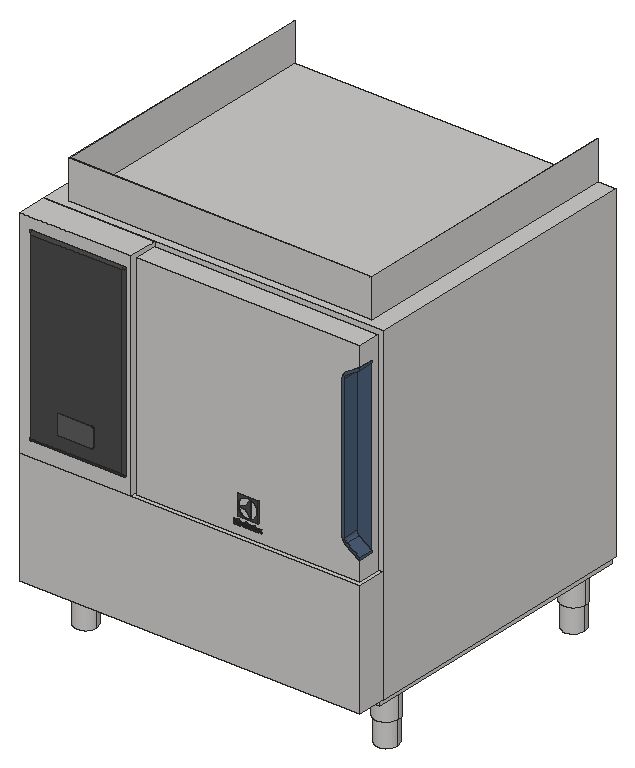
Revit family "QF_ELECTROLUXPROFESSIONAL_727906_EBFA61WHE", category Specialty Equipment, Revit 2018 (continued)
Automatic sketch dimensions
  Split face 52 sketch curve to Extrusion 6 = 28.787 mm
  Split face 52 sketch curve to Split face 52 sketch curve = 110.015 mm
  Split face 53 sketch curve to Extrusion 6 = 31.361 mm
  Split face 53 sketch curve to Extrusion 6 = 262.581 mm
  Split face 53 sketch curve to Extrusion 6 = 36.388 mm
  Split face 53 sketch curve to Split face 53 sketch curve = 110.015 mm
  Split face 54 sketch curve to Extrusion 6 = 40.833 mm
  Split face 54 sketch curve to Extrusion 6 = 262.581 mm
  Split face 54 sketch curve to Extrusion 6 = 45.86 mm
  Split face 54 sketch curve to Split face 54 sketch curve = 110.015 mm
  Split face 55 sketch curve to Extrusion 6 = 50.305 mm
  Split face 55 sketch curve to Extrusion 6 = 262.581 mm
  Split face 55 sketch curve to Split face 55 sketch curve = 110.015 mm
  Split face 55 sketch curve to Split face 55 sketch curve = 5.027 mm
  Split face 56 sketch curve to Extrusion 6 = 59.777 mm
  Split face 56 sketch curve to Extrusion 6 = 262.581 mm
  Split face 56 sketch curve to Split face 56 sketch curve = 110.015 mm
  Split face 56 sketch curve to Split face 56 sketch curve = 5.027 mm
  Split face 57 sketch curve to Extrusion 6 = 69.25 mm
  Split face 57 sketch curve to Extrusion 6 = 262.581 mm
  Split face 57 sketch curve to Split face 57 sketch curve = 110.015 mm
  Split face 57 sketch curve to Split face 57 sketch curve = 5.027 mm
  Split face 58 sketch curve to Extrusion 6 = 78.722 mm
  Split face 58 sketch curve to Extrusion 6 = 262.581 mm
  Split face 58 sketch curve to Split face 58 sketch curve = 110.015 mm
  Split face 58 sketch curve to Split face 58 sketch curve = 5.027 mm
  Split face 59 sketch curve to Extrusion 6 = 88.194 mm
  Split face 59 sketch curve to Extrusion 6 = 262.581 mm
  Split face 59 sketch curve to Split face 59 sketch curve = 110.015 mm
  Split face 59 sketch curve to Split face 59 sketch curve = 5.027 mm
  Split face 60 sketch curve to Extrusion 6 = 97.666 mm
  Split face 60 sketch curve to Extrusion 6 = 262.581 mm
  Split face 60 sketch curve to Split face 60 sketch curve = 110.015 mm
  Split face 60 sketch curve to Split face 60 sketch curve = 5.027 mm
  Split face 61 sketch curve to Extrusion 6 = 107.138 mm
  Split face 61 sketch curve to Extrusion 6 = 262.581 mm
  Split face 61 sketch curve to Split face 61 sketch curve = 110.015 mm
  Split face 61 sketch curve to Split face 61 sketch curve = 5.027 mm
  Split face 62 sketch curve to Extrusion 6 = 116.611 mm
  Split face 62 sketch curve to Extrusion 6 = 262.581 mm
  Split face 62 sketch curve to Split face 62 sketch curve = 110.015 mm
  Split face 62 sketch curve to Split face 62 sketch curve = 5.027 mm
  Split face 63 sketch curve to Extrusion 6 = 126.083 mm
  Split face 63 sketch curve to Extrusion 6 = 262.581 mm
  Split face 63 sketch curve to Split face 63 sketch curve = 110.015 mm
  Split face 63 sketch curve to Split face 63 sketch curve = 5.027 mm
  Split face 64 sketch curve to Extrusion 6 = 262.581 mm
  Split face 64 sketch curve to Split face 64 sketch curve = 110.015 mm
  Split face 64 sketch curve to Extrusion 6 = 135.555 mm
  Split face 64 sketch curve to Split face 64 sketch curve = 5.027 mm
  Split face 65 sketch curve to Extrusion 6 = 262.581 mm
  Split face 65 sketch curve to Split face 65 sketch curve = 110.015 mm
  Split face 65 sketch curve to Extrusion 6 = 145.027 mm
  Split face 65 sketch curve to Split face 65 sketch curve = 5.027 mm
  Split face 66 sketch curve to Extrusion 6 = 262.581 mm
  Split face 66 sketch curve to Split face 66 sketch curve = 110.015 mm
  Split face 66 sketch curve to Extrusion 6 = 147.48 mm
  Split face 66 sketch curve to Split face 66 sketch curve = 5.027 mm
  Split face 67 sketch curve to Extrusion 6 = 262.581 mm
  Split face 67 sketch curve to Split face 67 sketch curve = 110.015 mm
  Split face 67 sketch curve to Extrusion 6 = 138.008 mm
  Split face 67 sketch curve to Split face 67 sketch curve = 5.027 mm
  Split face 68 sketch curve to Extrusion 6 = 128.536 mm
  Split face 68 sketch curve to Extrusion 6 = 262.581 mm
  Split face 68 sketch curve to Split face 68 sketch curve = 110.015 mm
  Split face 68 sketch curve to Split face 68 sketch curve = 5.027 mm
  Split face 69 sketch curve to Extrusion 6 = 119.064 mm
  Split face 69 sketch curve to Extrusion 6 = 262.581 mm
  Split face 69 sketch curve to Split face 69 sketch curve = 110.015 mm
  Split face 69 sketch curve to Split face 69 sketch curve = 5.027 mm
  Split face 70 sketch curve to Extrusion 6 = 109.592 mm
  Split face 70 sketch curve to Extrusion 6 = 262.581 mm
  Split face 70 sketch curve to Split face 70 sketch curve = 110.015 mm
  Split face 70 sketch curve to Split face 70 sketch curve = 5.027 mm
  Split face 71 sketch curve to Extrusion 6 = 100.119 mm
  Split face 71 sketch curve to Extrusion 6 = 262.581 mm
  Split face 71 sketch curve to Split face 71 sketch curve = 110.015 mm
  Split face 71 sketch curve to Split face 71 sketch curve = 5.027 mm
  Split face 72 sketch curve to Extrusion 6 = 90.647 mm
  Split face 72 sketch curve to Extrusion 6 = 262.581 mm
  Split face 72 sketch curve to Split face 72 sketch curve = 110.015 mm
  Split face 72 sketch curve to Split face 72 sketch curve = 5.027 mm
  Split face 73 sketch curve to Extrusion 6 = 81.175 mm
  Split face 73 sketch curve to Extrusion 6 = 262.581 mm
  Split face 73 sketch curve to Split face 73 sketch curve = 110.015 mm
  Split face 73 sketch curve to Split face 73 sketch curve = 5.027 mm
  Split face 74 sketch curve to Extrusion 6 = 71.703 mm
  Split face 74 sketch curve to Extrusion 6 = 262.581 mm
  Split face 74 sketch curve to Split face 74 sketch curve = 110.015 mm
  Split face 74 sketch curve to Split face 74 sketch curve = 5.027 mm
  Split face 75 sketch curve to Extrusion 6 = 62.231 mm
  Split face 75 sketch curve to Extrusion 6 = 262.581 mm
  Split face 75 sketch curve to Split face 75 sketch curve = 110.015 mm
  Split face 75 sketch curve to Split face 75 sketch curve = 5.027 mm
  Split face 76 sketch curve to Extrusion 6 = 52.758 mm
  Split face 76 sketch curve to Extrusion 6 = 262.581 mm
  Split face 76 sketch curve to Extrusion 6 = 47.731 mm
  Split face 76 sketch curve to Split face 76 sketch curve = 110.015 mm
  Split face 77 sketch curve to Extrusion 6 = 43.286 mm
  Split face 77 sketch curve to Extrusion 6 = 262.581 mm
  Split face 77 sketch curve to Extrusion 6 = 38.259 mm
  Split face 77 sketch curve to Split face 77 sketch curve = 110.015 mm
  Split face 78 sketch curve to Extrusion 6 = 33.814 mm
  Split face 78 sketch curve to Extrusion 6 = 262.581 mm
  Split face 78 sketch curve to Extrusion 6 = 28.787 mm
  Split face 78 sketch curve to Split face 78 sketch curve = 110.015 mm
  Split face 79 sketch curve to Extrusion 6 = 31.361 mm
  Split face 79 sketch curve to Extrusion 6 = 147.565 mm
  Split face 79 sketch curve to Extrusion 6 = 36.388 mm
  Split face 79 sketch curve to Split face 79 sketch curve = 110.015 mm
  Split face 80 sketch curve to Extrusion 6 = 40.833 mm
  Split face 80 sketch curve to Extrusion 6 = 147.565 mm
  Split face 80 sketch curve to Extrusion 6 = 45.86 mm
  Split face 80 sketch curve to Split face 80 sketch curve = 110.015 mm
  Split face 81 sketch curve to Extrusion 6 = 50.305 mm
  Split face 81 sketch curve to Extrusion 6 = 147.565 mm
  Split face 81 sketch curve to Split face 81 sketch curve = 110.015 mm
  Split face 81 sketch curve to Split face 81 sketch curve = 5.027 mm
  Split face 82 sketch curve to Extrusion 6 = 59.777 mm
  Split face 82 sketch curve to Extrusion 6 = 147.565 mm
  Split face 82 sketch curve to Split face 82 sketch curve = 110.015 mm
  Split face 82 sketch curve to Split face 82 sketch curve = 5.027 mm
  Split face 83 sketch curve to Extrusion 6 = 69.25 mm
  Split face 83 sketch curve to Extrusion 6 = 147.565 mm
  Split face 83 sketch curve to Split face 83 sketch curve = 110.015 mm
  Split face 83 sketch curve to Split face 83 sketch curve = 5.027 mm
  Split face 84 sketch curve to Extrusion 6 = 147.565 mm
  Split face 84 sketch curve to Split face 84 sketch curve = 110.015 mm
  Split face 84 sketch curve to Extrusion 6 = 78.722 mm
  Split face 84 sketch curve to Split face 84 sketch curve = 5.027 mm
  Split face 85 sketch curve to Extrusion 6 = 147.565 mm
  Split face 85 sketch curve to Split face 85 sketch curve = 110.015 mm
  Split face 85 sketch curve to Extrusion 6 = 88.194 mm
  Split face 85 sketch curve to Split face 85 sketch curve = 5.027 mm
  Split face 86 sketch curve to Extrusion 6 = 147.565 mm
  Split face 86 sketch curve to Split face 86 sketch curve = 110.015 mm
  Split face 86 sketch curve to Extrusion 6 = 97.666 mm
  Split face 86 sketch curve to Split face 86 sketch curve = 5.027 mm
  Split face 87 sketch curve to Extrusion 6 = 147.565 mm
  Split face 87 sketch curve to Split face 87 sketch curve = 110.015 mm
  Split face 87 sketch curve to Extrusion 6 = 107.138 mm
  Split face 87 sketch curve to Split face 87 sketch curve = 5.027 mm
  Split face 88 sketch curve to Extrusion 6 = 147.565 mm
  Split face 88 sketch curve to Split face 88 sketch curve = 110.015 mm
  Split face 88 sketch curve to Extrusion 6 = 116.611 mm
  Split face 88 sketch curve to Split face 88 sketch curve = 5.027 mm
  Split face 89 sketch curve to Extrusion 6 = 147.565 mm
  Split face 89 sketch curve to Split face 89 sketch curve = 110.015 mm
  Split face 89 sketch curve to Extrusion 6 = 126.083 mm
  Split face 89 sketch curve to Split face 89 sketch curve = 5.027 mm
  Split face 90 sketch curve to Extrusion 6 = 147.565 mm
  Split face 90 sketch curve to Split face 90 sketch curve = 110.015 mm
  Split face 90 sketch curve to Extrusion 6 = 135.555 mm
  Split face 90 sketch curve to Split face 90 sketch curve = 5.027 mm
  Split face 91 sketch curve to Extrusion 6 = 147.565 mm
  Split face 91 sketch curve to Split face 91 sketch curve = 110.015 mm
  Split face 91 sketch curve to Extrusion 6 = 145.027 mm
  Split face 91 sketch curve to Split face 91 sketch curve = 5.027 mm
  Split face 92 sketch curve to Extrusion 6 = 147.565 mm
  Split face 92 sketch curve to Split face 92 sketch curve = 110.015 mm
  Split face 92 sketch curve to Extrusion 6 = 147.48 mm
  Split face 92 sketch curve to Split face 92 sketch curve = 5.027 mm
  Split face 93 sketch curve to Extrusion 6 = 147.565 mm
  Split face 93 sketch curve to Split face 93 sketch curve = 110.015 mm
  Split face 93 sketch curve to Extrusion 6 = 138.008 mm
  Split face 93 sketch curve to Split face 93 sketch curve = 5.027 mm
  Split face 94 sketch curve to Extrusion 6 = 147.565 mm
  Split face 94 sketch curve to Split face 94 sketch curve = 110.015 mm
  Split face 94 sketch curve to Extrusion 6 = 128.536 mm
  Split face 94 sketch curve to Split face 94 sketch curve = 5.027 mm
  Split face 95 sketch curve to Extrusion 6 = 147.565 mm
  Split face 95 sketch curve to Split face 95 sketch curve = 110.015 mm
  Split face 95 sketch curve to Extrusion 6 = 119.064 mm
  Split face 95 sketch curve to Split face 95 sketch curve = 5.027 mm
  Split face 96 sketch curve to Extrusion 6 = 147.565 mm
  Split face 96 sketch curve to Split face 96 sketch curve = 110.015 mm
  Split face 96 sketch curve to Extrusion 6 = 109.592 mm
  Split face 96 sketch curve to Split face 96 sketch curve = 5.027 mm
  Split face 97 sketch curve to Extrusion 6 = 147.565 mm
  Split face 97 sketch curve to Split face 97 sketch curve = 110.015 mm
  Split face 97 sketch curve to Extrusion 6 = 100.119 mm
  Split face 97 sketch curve to Split face 97 sketch curve = 5.027 mm
  Split face 98 sketch curve to Extrusion 6 = 147.565 mm
  Split face 98 sketch curve to Split face 98 sketch curve = 110.015 mm
  Split face 98 sketch curve to Extrusion 6 = 90.647 mm
  Split face 98 sketch curve to Split face 98 sketch curve = 5.027 mm
  Split face 99 sketch curve to Extrusion 6 = 147.565 mm
  Split face 99 sketch curve to Split face 99 sketch curve = 110.015 mm
  Split face 99 sketch curve to Extrusion 6 = 81.175 mm
  Split face 99 sketch curve to Split face 99 sketch curve = 5.027 mm
  Split face 100 sketch curve to Extrusion 6 = 71.703 mm
  Split face 100 sketch curve to Extrusion 6 = 147.565 mm
  Split face 100 sketch curve to Split face 100 sketch curve = 110.015 mm
  Split face 100 sketch curve to Split face 100 sketch curve = 5.027 mm
  Split face 101 sketch curve to Extrusion 6 = 62.231 mm
  Split face 101 sketch curve to Extrusion 6 = 147.565 mm
  Split face 101 sketch curve to Split face 101 sketch curve = 110.015 mm
  Split face 101 sketch curve to Split face 101 sketch curve = 5.027 mm
  Split face 102 sketch curve to Extrusion 6 = 52.758 mm
  Split face 102 sketch curve to Extrusion 6 = 147.565 mm
  Split face 102 sketch curve to Extrusion 6 = 47.731 mm
  Split face 102 sketch curve to Split face 102 sketch curve = 110.015 mm
  Split face 103 sketch curve to Extrusion 6 = 43.286 mm
  Split face 103 sketch curve to Extrusion 6 = 147.565 mm
  Split face 103 sketch curve to Extrusion 6 = 38.259 mm
  Split face 103 sketch curve to Split face 103 sketch curve = 110.015 mm
  Split face 104 sketch curve to Extrusion 6 = 33.814 mm
  Split face 104 sketch curve to Extrusion 6 = 147.565 mm
  Split face 104 sketch curve to Extrusion 6 = 28.787 mm
  Split face 104 sketch curve to Split face 104 sketch curve = 110.015 mm
  Split face 105 sketch curve to Extrusion 6 = 32.55 mm
  Split face 105 sketch curve to Extrusion 6 = 36.388 mm
  Split face 105 sketch curve to Split face 105 sketch curve = 110.015 mm
  Split face 105 sketch curve to Split face 105 sketch curve = 5.027 mm
  Split face 106 sketch curve to Extrusion 6 = 32.55 mm
  Split face 106 sketch curve to Extrusion 6 = 45.86 mm
  Split face 106 sketch curve to Split face 106 sketch curve = 110.015 mm
  Split face 106 sketch curve to Split face 106 sketch curve = 5.027 mm
  Split face 107 sketch curve to Extrusion 6 = 32.55 mm
  Split face 107 sketch curve to Split face 107 sketch curve = 110.015 mm
  Split face 107 sketch curve to Extrusion 6 = 50.305 mm
  Split face 107 sketch curve to Split face 107 sketch curve = 5.027 mm
  Split face 108 sketch curve to Extrusion 6 = 32.55 mm
  Split face 108 sketch curve to Split face 108 sketch curve = 110.015 mm
  Split face 108 sketch curve to Extrusion 6 = 59.777 mm
  Split face 108 sketch curve to Split face 108 sketch curve = 5.027 mm
  Split face 109 sketch curve to Extrusion 6 = 32.55 mm
  Split face 109 sketch curve to Split face 109 sketch curve = 110.015 mm
  Split face 109 sketch curve to Extrusion 6 = 69.25 mm
  Split face 109 sketch curve to Split face 109 sketch curve = 5.027 mm
  Split face 110 sketch curve to Extrusion 6 = 32.55 mm
  Split face 110 sketch curve to Split face 110 sketch curve = 110.015 mm
  Split face 110 sketch curve to Extrusion 6 = 78.722 mm
  Split face 110 sketch curve to Split face 110 sketch curve = 5.027 mm
  Split face 111 sketch curve to Extrusion 6 = 32.55 mm
  Split face 111 sketch curve to Split face 111 sketch curve = 110.015 mm
  Split face 111 sketch curve to Extrusion 6 = 88.194 mm
  Split face 111 sketch curve to Split face 111 sketch curve = 5.027 mm
  Split face 112 sketch curve to Extrusion 6 = 32.55 mm
  Split face 112 sketch curve to Split face 112 sketch curve = 110.015 mm
  Split face 112 sketch curve to Extrusion 6 = 97.666 mm
  Split face 112 sketch curve to Split face 112 sketch curve = 5.027 mm
  Split face 113 sketch curve to Extrusion 6 = 32.55 mm
  Split face 113 sketch curve to Split face 113 sketch curve = 110.015 mm
  Split face 113 sketch curve to Extrusion 6 = 107.138 mm
  Split face 113 sketch curve to Split face 113 sketch curve = 5.027 mm
  Split face 114 sketch curve to Extrusion 6 = 32.55 mm
  Split face 114 sketch curve to Split face 114 sketch curve = 110.015 mm
  Split face 114 sketch curve to Extrusion 6 = 116.611 mm
  Split face 114 sketch curve to Split face 114 sketch curve = 5.027 mm
  Split face 115 sketch curve to Extrusion 6 = 32.55 mm
  Split face 115 sketch curve to Split face 115 sketch curve = 110.015 mm
  Split face 115 sketch curve to Extrusion 6 = 126.083 mm
  Split face 115 sketch curve to Split face 115 sketch curve = 5.027 mm
  Split face 116 sketch curve to Extrusion 6 = 32.55 mm
  Split face 116 sketch curve to Split face 116 sketch curve = 110.015 mm
  Split face 116 sketch curve to Extrusion 6 = 135.555 mm
  Split face 116 sketch curve to Split face 116 sketch curve = 5.027 mm
  Split face 117 sketch curve to Extrusion 6 = 32.55 mm
  Split face 117 sketch curve to Split face 117 sketch curve = 110.015 mm
  Split face 117 sketch curve to Extrusion 6 = 145.027 mm
  Split face 117 sketch curve to Split face 117 sketch curve = 5.027 mm
  Split face 118 sketch curve to Extrusion 6 = 32.55 mm
  Split face 118 sketch curve to Split face 118 sketch curve = 110.015 mm
  Split face 118 sketch curve to Extrusion 6 = 147.48 mm
  Split face 118 sketch curve to Split face 118 sketch curve = 5.027 mm
  Split face 119 sketch curve to Extrusion 6 = 32.55 mm
  Split face 119 sketch curve to Split face 119 sketch curve = 110.015 mm
  Split face 119 sketch curve to Extrusion 6 = 138.008 mm
  Split face 119 sketch curve to Split face 119 sketch curve = 5.027 mm
  Split face 120 sketch curve to Extrusion 6 = 32.55 mm
  Split face 120 sketch curve to Split face 120 sketch curve = 110.015 mm
  Split face 120 sketch curve to Extrusion 6 = 128.536 mm
  Split face 120 sketch curve to Split face 120 sketch curve = 5.027 mm
  Split face 121 sketch curve to Extrusion 6 = 32.55 mm
  Split face 121 sketch curve to Split face 121 sketch curve = 110.015 mm
  Split face 121 sketch curve to Extrusion 6 = 119.064 mm
  Split face 121 sketch curve to Split face 121 sketch curve = 5.027 mm
  Split face 122 sketch curve to Extrusion 6 = 32.55 mm
  Split face 122 sketch curve to Split face 122 sketch curve = 110.015 mm
  Split face 122 sketch curve to Extrusion 6 = 109.592 mm
  Split face 122 sketch curve to Split face 122 sketch curve = 5.027 mm
  Split face 123 sketch curve to Extrusion 6 = 32.55 mm
  Split face 123 sketch curve to Split face 123 sketch curve = 110.015 mm
  Split face 123 sketch curve to Extrusion 6 = 100.119 mm
  Split face 123 sketch curve to Split face 123 sketch curve = 5.027 mm
  Split face 124 sketch curve to Extrusion 6 = 32.55 mm
  Split face 124 sketch curve to Split face 124 sketch curve = 110.015 mm
  Split face 124 sketch curve to Extrusion 6 = 90.647 mm
  Split face 124 sketch curve to Split face 124 sketch curve = 5.027 mm
  Split face 125 sketch curve to Extrusion 6 = 32.55 mm
  Split face 125 sketch curve to Split face 125 sketch curve = 110.015 mm
  Split face 125 sketch curve to Extrusion 6 = 81.175 mm
  Split face 125 sketch curve to Split face 125 sketch curve = 5.027 mm
  Split face 126 sketch curve to Extrusion 6 = 32.55 mm
  Split face 126 sketch curve to Split face 126 sketch curve = 110.015 mm
  Split face 126 sketch curve to Extrusion 6 = 71.703 mm
  Split face 126 sketch curve to Split face 126 sketch curve = 5.027 mm
  Split face 127 sketch curve to Extrusion 6 = 32.55 mm
  Split face 127 sketch curve to Split face 127 sketch curve = 110.015 mm
  Split face 127 sketch curve to Extrusion 6 = 62.231 mm
  Split face 127 sketch curve to Split face 127 sketch curve = 5.027 mm
  Split face 128 sketch curve to Extrusion 6 = 32.55 mm
  Split face 128 sketch curve to Extrusion 6 = 47.731 mm
  Split face 128 sketch curve to Split face 128 sketch curve = 110.015 mm
  Split face 128 sketch curve to Split face 128 sketch curve = 5.027 mm
  Split face 129 sketch curve to Extrusion 6 = 32.55 mm
  Split face 129 sketch curve to Extrusion 6 = 38.259 mm
  Split face 129 sketch curve to Split face 129 sketch curve = 110.015 mm
  Split face 129 sketch curve to Split face 129 sketch curve = 5.027 mm
  Split face 130 sketch curve to Extrusion 6 = 32.55 mm
  Split face 130 sketch curve to Extrusion 6 = 28.787 mm
  Split face 130 sketch curve to Split face 130 sketch curve = 110.015 mm
  Split face 130 sketch curve to Split face 130 sketch curve = 5.027 mm
  Extrusion 9 sketch curve to plane 5 "BACK" = 0 mm  (x2)
  Extrusion 9 sketch curve to plane 14 = 0 mm  (x2)
  Extrusion 9 sketch curve to plane 3 "Center Y" = 141.58 mm
  Extrusion 9 sketch curve to Extrusion 9 sketch curve = 1.631 mm  (x2)
  Extrusion 9 sketch curve to Extrusion 9 sketch curve = 9.723 mm
  plane 9 to Extrusion 9 sketch curve = 80.967 mm
  plane 9 to Extrusion 9 sketch curve = 72.875 mm
  Extrusion 10 sketch curve to plane 5 "BACK" = 0 mm  (x2)
  Extrusion 10 sketch curve to plane 9 = 3 mm
  Extrusion 10 sketch curve to plane 9 = 1 mm
  plane 11 to Extrusion 10 sketch curve = 1 mm
  Extrusion 10 sketch curve to Extrusion 10 sketch curve = 2 mm  (x2)
  Extrusion 10 sketch curve to plane 12 = 49 mm
  Extrusion 11 sketch curve to plane 13 "TOP" = 0.005 mm
  Extrusion 11 sketch curve to plane 3 "Center Y" = 139.7 mm
  plane 11 to Extrusion 11 sketch curve = 6.255 mm
  plane 11 to Extrusion 11 sketch curve = 14.741 mm
  plane 11 to Extrusion 11 sketch curve = 15.205 mm
  Extrusion 11 sketch curve to Extrusion 11 sketch curve = 10.513 mm
  Extrusion 11 sketch curve to Extrusion 11 sketch curve = 20 mm
  Extrusion 11 sketch curve to plane 6 "RIGHT" = 1.005 mm  (x2)
  Extrusion 11 sketch curve to Extrusion 11 sketch curve = 51.135 mm
  Extrusion 11 sketch curve to Extrusion 11 sketch curve = 24.082 mm
  Extrusion 11 sketch curve to Extrusion 11 sketch curve = 374.913 mm
  Extrusion 11 sketch curve to Extrusion 11 sketch curve = 23.723 mm
  plane 8 to Extrusion 11 sketch curve = 332.497 mm
  Extrusion 12 sketch curve to Extrusion 11 = 0 mm  (x8)
  Extrusion 11 to Extrusion 12 sketch curve = 8.487 mm
  Extrusion 11 to Extrusion 12 sketch curve = 8.95 mm
  Extrusion 12 sketch curve to Extrusion 12 sketch curve = 20 mm
  Extrusion 13 sketch curve to Extrusion 13 sketch curve = 0 mm  (x2)
  Extrusion 13 sketch curve to Extrusion 11 = 0 mm  (x5)
  Extrusion 11 to Extrusion 13 sketch curve = 2.5 mm
  Extrusion 13 sketch curve to Extrusion 13 sketch curve = 2.5 mm
  Extrusion 13 sketch curve to Extrusion 13 sketch curve = 13.5 mm
  Extrusion 11 to Extrusion 13 sketch curve = 12.541 mm
  Extrusion 13 sketch curve to Extrusion 13 sketch curve = 5.583 mm
  Extrusion 13 sketch curve to Extrusion 13 sketch curve = 3.591 mm
  Extrusion 13 sketch curve to Extrusion 13 sketch curve = 3.597 mm
  Extrusion 13 sketch curve to Extrusion 13 sketch curve = 6.143 mm
  Extrusion 13 sketch curve to Extrusion 13 sketch curve = 6.141 mm
  Extrusion 14 sketch curve to plane 7 "FRONT" = 0 mm
  plane 15 to Extrusion 14 sketch curve = 47.24 mm
  Extrusion 14 sketch curve to Extrusion 14 sketch curve = 8.487 mm
  Extrusion 14 sketch curve to Extrusion 14 sketch curve = 8.95 mm
  Extrusion 14 sketch curve to Extrusion 14 sketch curve = 19 mm
  Extrusion 14 sketch curve to Extrusion 14 sketch curve = 20 mm
  plane 15 to Extrusion 14 sketch curve = 2.5 mm  (x2)
  Extrusion 14 sketch curve to plane 13 "TOP" = 0.005 mm
  Extrusion 14 sketch curve to Extrusion 14 sketch curve = 51.135 mm
  Extrusion 14 sketch curve to Extrusion 14 sketch curve = 24.082 mm
  Extrusion 14 sketch curve to Extrusion 14 sketch curve = 374.913 mm
  Extrusion 14 sketch curve to Extrusion 14 sketch curve = 23.723 mm
  plane 8 to Extrusion 14 sketch curve = 332.497 mm
  Extrusion 15 sketch curve to Extrusion 14 = 0 mm  (x8)
  Extrusion 14 to Extrusion 15 sketch curve = 8.487 mm
  Extrusion 14 to Extrusion 15 sketch curve = 8.95 mm
  Extrusion 15 sketch curve to Extrusion 15 sketch curve = 11.05 mm
  Extrusion 16 sketch curve to Extrusion 16 sketch curve = 0 mm  (x2)
  Extrusion 16 sketch curve to Extrusion 14 = 0 mm  (x4)
  Extrusion 14 to Extrusion 16 sketch curve = 0 mm
  Extrusion 14 to Extrusion 16 sketch curve = 2.5 mm  (x2)
  Extrusion 16 sketch curve to Extrusion 16 sketch curve = 13.5 mm
  Extrusion 14 to Extrusion 16 sketch curve = 12.541 mm
  Extrusion 16 sketch curve to Extrusion 16 sketch curve = 5.583 mm
  Extrusion 16 sketch curve to Extrusion 16 sketch curve = 3.591 mm
  Extrusion 16 sketch curve to Extrusion 16 sketch curve = 3.597 mm
  Extrusion 16 sketch curve to Extrusion 16 sketch curve = 6.143 mm
  Extrusion 16 sketch curve to Extrusion 16 sketch curve = 6.141 mm
  Extrusion 17 sketch curve to plane 7 "FRONT" = 0 mm
  plane 7 "FRONT" to Extrusion 17 sketch curve = 16.966 mm
  Extrusion 17 sketch curve to plane 3 "Center Y" = 119.677 mm
  Extrusion 17 sketch curve to Extrusion 17 sketch curve = 32.971 mm
  Extrusion 17 sketch curve to plane 6 "RIGHT" = 1.005 mm
  radius of Extrusion 4 sketch curve = 10.5 mm
  radius of Extrusion 8 sketch curve = 9.5 mm
  radius of Extrusion 12 sketch curve to Extrusion 11 = 0 mm
  radius of Extrusion 13 sketch curve to Extrusion 11 = 0 mm
  radius of Extrusion 13 sketch curve to Extrusion 11 = 6.5 mm
  radius of Extrusion 15 sketch curve to Extrusion 14 = 0 mm
  radius of Extrusion 16 sketch curve to Extrusion 14 = 0 mm
  radius of Extrusion 16 sketch curve to Extrusion 14 = 6.5 mm
Nested families
  nested 1: "Foot_Complete" at (-708, -142.149, 0), type "Foot_Complete"
    with H 130 mm
  nested 2: "Foot_Complete" at (85, -142.149, 0), type "Foot_Complete"
    with H 130 mm
  nested 3: "Foot_Complete" at (85, 473.851, 0), type "Foot_Complete"
    with H 130 mm
  nested 4: "Foot_Complete" at (-708, 473.851, 0), type "Foot_Complete"
    with H 130 mm
  nested 5: "ELX_Logo_S_New" at (-157.603, -295.149, 492.497) x (1, 0, 0) z (0, -1, 0), visible <- "Show Logo", type "ELX_Logo_S_New"
    with M QF_Finishes_Black
  nested 6: "ELX_Logo_Symbol" at (-157.603, -295.149, 532.497) x (-1, 0, 0) z (0, -1, 0), visible <- "Show Logo", type "ELX_Logo_Symbol"
    with M QF_Finishes_Black
  nested 7: "ELX_Touch" at (-606.5, -295.149, 741.265) x (1, 0, 0) z (0, -1, 0), type "ELX_Touch"
Connectors
  electrical at (-696, 577.851, 258), driven by "Volts"
    settings: on Extrusion 4, index 5, voltage 380 V, apparent load 0 VA, apparent load phase1 0 VA, apparent load phase2 0 VA, apparent load phase3 0 VA, power factor 1, load classification "Altro", number of poles 1, system type 30, power factor state 1, is connector primary yes, connector utility no, sub classification motor no, connector description "Electrical Connection"
  piping at (-360, 215.851, 98.32), diameter 19
    settings: on cut or joined group of Extrusion 1, Extrusion 2, Extrusion 3, Extrusion 4, Extrusion 7, Extrusion 8, Extrusion 9, index 6, connector inside diameter 609.6 mm, connector length 0 mm, flow factor 0, pipe flow 0.0 L/s, pressure drop 0.0 Pa, fitting loss kfactor 0, connector angle 0.00°, fixture units 0, engagement length 0 mm, angle of deflection 0.00°, flow configuration 1, flow direction 2, fitting loss method 0, system type 16, joint type 0, gender type 0, connector reference index -1, connector utility 0, adjustable connector no, is connector primary yes, connector description "Drain"
Definition of nested family "Foot_Complete"
  Parameters
    R = 32 mm
    H = 150 mm
  Reference planes
    plane 1 "Centro (Fronte/Retro)": y = 0
    plane 2: z = 0
    plane 3 "Centro (Sinistra/Destra)": x = 0
    plane 4: z = 150
  Forms (mm)
    Revolve 1, solid
      sketch origin (255.05, 0, 608.09) x (0, 0, 1) y (-1, 0, 0)
        loop
          line (-608.09, 255.05) -> (-608.09, 226.55) -> (-544.09, 226.55) -> (-544.09, 223.05) -> (-458.09, 223.05) -> (-458.09, 255.05) -> (-608.09, 255.05)
        axis (-608.09, 255.05) -> (-458.09, 255.05)
      angle from 0 to 360
  Dimensions and locks
    locked: level to Revolve 1 sketch curve at 64
    "R": Revolve 1 sketch curve to plane 3 "Centro (Sinistra/Destra)"
    "H": plane 4 to level
    aligned and locked: level to plane 2
    aligned and locked: plane 4 to Revolve 1 sketch curve
    aligned and locked: Revolve 1 sketch curve to level
    aligned and locked: plane 3 "Centro (Sinistra/Destra)" to Revolve 1 sketch curve
  Automatic sketch dimensions
    Revolve 1 sketch curve to plane 3 "Centro (Sinistra/Destra)" = 0 mm
    plane 3 "Centro (Sinistra/Destra)" to Revolve 1 sketch curve = 28.5 mm
    Revolve 1 sketch curve to Revolve 1 sketch curve = 50 mm
    Revolve 1 sketch curve to Revolve 1 sketch curve = 20 mm
Definition of nested family "ELX_Logo_S_New"
  Parameters
    Default Elevation = 0 mm
    M [instance] = none
  Reference planes
    plane 1 "Centro (Fronte/Retro)": y = 0
    plane 2: z = 0
    plane 3 "Centro (Sinistra/Destra)": x = 0
  Forms (mm)
    Extrusion 1, solid
      sketch origin (0, 0, 0) x (1, 0, 0) y (0, 1, 0)
        loop
          line (-1219.2, 1219.2) -> (-1219.2, -1219.2) -> (1219.2, -1219.2) -> (1219.2, 1219.2) -> (-1219.2, 1219.2)
      from 0 to -304.8
    Extrusion 2, solid, material <- "M"
      sketch origin (0, 0, 0) x (1, 0, 0) y (0, 1, 0)
        loop
          spline (-32.537, -4.135) -> (-32.702, -4.128) -> (-32.877, -4.105) -> (-33.059, -4.064) -> (-33.242, -4.002) -> (-33.422, -3.916) -> (-33.593, -3.803) -> (-33.751, -3.66) -> (-33.891, -3.486) -> (-34.008, -3.276) -> (-34.098, -3.029) -> (-34.155, -2.741) -> (-34.176, -2.41)
          line (-34.176, -2.41) -> (-34.176, -0.943) -> (-29.331, -0.943) -> (-29.331, 0.928) -> (-34.176, 0.928) -> (-34.176, 3.652) -> (-29.023, 3.652) -> (-29.023, 5.518) -> (-36.159, 5.518) -> (-36.159, -2.326)
          spline (-36.159, -2.326) -> (-36.142, -2.808) -> (-36.088, -3.263) -> (-35.996, -3.688) -> (-35.867, -4.083) -> (-35.698, -4.445) -> (-35.489, -4.773) -> (-35.239, -5.066) -> (-34.946, -5.322) -> (-34.61, -5.539) -> (-34.23, -5.716) -> (-33.804, -5.851) -> (-33.332, -5.943)
          line (-33.332, -5.943) -> (-32.554, -5.999) -> (-28.885, -5.999) -> (-28.885, -4.135) -> (-32.537, -4.135)
        loop
          line (-27.476, 0.076) -> (-27.476, -6.002) -> (-25.492, -6.002) -> (-25.492, 5.521) -> (-27.476, 5.521) -> (-27.476, 0.076)
        loop
          spline (-15.702, -2.321) -> (-15.689, -1.697) -> (-15.749, -1.094) -> (-15.879, -0.516) -> (-16.078, 0.029) -> (-16.341, 0.538) -> (-16.668, 1.004) -> (-17.055, 1.422) -> (-17.5, 1.786) -> (-17.999, 2.091) -> (-18.552, 2.331) -> (-19.154, 2.5) -> (-19.804, 2.594)
          spline (-19.804, 2.594) -> (-20.422, 2.558) -> (-21.009, 2.453) -> (-21.56, 2.28) -> (-22.072, 2.042) -> (-22.54, 1.743) -> (-22.96, 1.385) -> (-23.327, 0.97) -> (-23.638, 0.502) -> (-23.887, -0.018) -> (-24.07, -0.586) -> (-24.183, -1.2) -> (-24.222, -1.857)
          spline (-24.222, -1.857) -> (-24.184, -2.498) -> (-24.074, -3.097) -> (-23.895, -3.652) -> (-23.651, -4.16) -> (-23.344, -4.618) -> (-22.979, -5.023) -> (-22.559, -5.374) -> (-22.087, -5.667) -> (-21.567, -5.899) -> (-21.003, -6.068) -> (-20.397, -6.172) -> (-19.754, -6.207)
          spline (-19.754, -6.207) -> (-19.44, -6.2) -> (-19.13, -6.176) -> (-18.823, -6.135) -> (-18.52, -6.074) -> (-18.221, -5.993) -> (-17.925, -5.89) -> (-17.634, -5.762) -> (-17.346, -5.609) -> (-17.062, -5.43) -> (-16.782, -5.221) -> (-16.506, -4.983) -> (-16.234, -4.713)
          line (-16.234, -4.713) -> (-17.429, -3.55)
          spline (-17.429, -3.55) -> (-17.587, -3.702) -> (-17.745, -3.841) -> (-17.906, -3.967) -> (-18.07, -4.08) -> (-18.239, -4.181) -> (-18.415, -4.268) -> (-18.599, -4.343) -> (-18.792, -4.404) -> (-18.996, -4.452) -> (-19.213, -4.486) -> (-19.443, -4.506) -> (-19.688, -4.513)
          spline (-19.688, -4.513) -> (-20.047, -4.496) -> (-20.383, -4.443) -> (-20.696, -4.358) -> (-20.984, -4.24) -> (-21.246, -4.092) -> (-21.479, -3.915) -> (-21.683, -3.711) -> (-21.856, -3.48) -> (-21.997, -3.224) -> (-22.104, -2.945) -> (-22.176, -2.643) -> (-22.212, -2.321)
          line (-22.212, -2.321) -> (-15.702, -2.321)
        loop
          spline (-17.695, -0.926) -> (-17.714, -0.681) -> (-17.771, -0.445) -> (-17.861, -0.221) -> (-17.984, -0.01) -> (-18.135, 0.184) -> (-18.314, 0.36) -> (-18.516, 0.516) -> (-18.741, 0.648) -> (-18.984, 0.755) -> (-19.244, 0.834) -> (-19.518, 0.883) -> (-19.804, 0.9)
          spline (-19.804, 0.9) -> (-20.11, 0.884) -> (-20.405, 0.835) -> (-20.686, 0.757) -> (-20.95, 0.652) -> (-21.195, 0.521) -> (-21.419, 0.367) -> (-21.618, 0.192) -> (-21.79, -0.003) -> (-21.934, -0.214) -> (-22.045, -0.439) -> (-22.122, -0.678) -> (-22.162, -0.926)
          line (-22.162, -0.926) -> (-17.695, -0.926)
        loop
          spline (-12.669, -1.807) -> (-12.646, -1.438) -> (-12.58, -1.088) -> (-12.472, -0.759) -> (-12.326, -0.455) -> (-12.145, -0.177) -> (-11.93, 0.072) -> (-11.685, 0.289) -> (-11.412, 0.473) -> (-11.114, 0.62) -> (-10.793, 0.728) -> (-10.453, 0.794) -> (-10.095, 0.817)
          spline (-10.095, 0.817) -> (-9.876, 0.81) -> (-9.665, 0.79) -> (-9.464, 0.756) -> (-9.271, 0.709) -> (-9.086, 0.65) -> (-8.908, 0.578) -> (-8.737, 0.495) -> (-8.572, 0.399) -> (-8.414, 0.292) -> (-8.261, 0.173) -> (-8.113, 0.044) -> (-7.969, -0.096)
          line (-7.969, -0.096) -> (-6.741, 1.183)
          spline (-6.741, 1.183) -> (-6.985, 1.427) -> (-7.237, 1.647) -> (-7.496, 1.843) -> (-7.762, 2.015) -> (-8.034, 2.164) -> (-8.312, 2.291) -> (-8.596, 2.397) -> (-8.886, 2.482) -> (-9.181, 2.546) -> (-9.481, 2.592) -> (-9.786, 2.619) -> (-10.095, 2.627)
          spline (-10.095, 2.627) -> (-10.715, 2.589) -> (-11.308, 2.476) -> (-11.871, 2.294) -> (-12.396, 2.046) -> (-12.88, 1.736) -> (-13.316, 1.369) -> (-13.7, 0.949) -> (-14.026, 0.48) -> (-14.289, -0.035) -> (-14.483, -0.59) -> (-14.604, -1.182) -> (-14.645, -1.807)
          spline (-14.645, -1.807) -> (-14.604, -2.431) -> (-14.483, -3.023) -> (-14.289, -3.578) -> (-14.026, -4.093) -> (-13.7, -4.562) -> (-13.316, -4.983) -> (-12.88, -5.35) -> (-12.396, -5.659) -> (-11.871, -5.907) -> (-11.308, -6.09) -> (-10.715, -6.202) -> (-10.095, -6.24)
          spline (-10.095, -6.24) -> (-9.786, -6.232) -> (-9.481, -6.205) -> (-9.181, -6.16) -> (-8.886, -6.095) -> (-8.596, -6.01) -> (-8.312, -5.904) -> (-8.034, -5.777) -> (-7.762, -5.628) -> (-7.496, -5.456) -> (-7.237, -5.26) -> (-6.985, -5.04) -> (-6.741, -4.796)
          line (-6.741, -4.796) -> (-7.969, -3.517)
          spline (-7.969, -3.517) -> (-8.113, -3.657) -> (-8.261, -3.786) -> (-8.414, -3.905) -> (-8.572, -4.012) -> (-8.737, -4.108) -> (-8.908, -4.192) -> (-9.086, -4.263) -> (-9.271, -4.323) -> (-9.464, -4.369) -> (-9.665, -4.403) -> (-9.876, -4.423) -> (-10.095, -4.43)
          spline (-10.095, -4.43) -> (-10.453, -4.408) -> (-10.793, -4.341) -> (-11.114, -4.233) -> (-11.412, -4.086) -> (-11.685, -3.902) -> (-11.93, -3.685) -> (-12.145, -3.436) -> (-12.326, -3.158) -> (-12.472, -2.854) -> (-12.58, -2.526) -> (-12.646, -2.176) -> (-12.669, -1.807)
        loop
          spline (-1.683, -4.138) -> (-1.858, -4.14) -> (-2.045, -4.127) -> (-2.24, -4.095) -> (-2.438, -4.04) -> (-2.633, -3.959) -> (-2.822, -3.85) -> (-2.998, -3.709) -> (-3.157, -3.533) -> (-3.294, -3.318) -> (-3.404, -3.061) -> (-3.483, -2.76) -> (-3.524, -2.411)
          line (-3.524, -2.411) -> (-3.524, 0.529) -> (-1.72, 0.529) -> (-1.72, 2.331) -> (-3.522, 2.331) -> (-3.522, 5.521) -> (-5.506, 5.521) -> (-5.506, -2.523)
          spline (-5.506, -2.523) -> (-5.463, -2.99) -> (-5.386, -3.429) -> (-5.274, -3.839) -> (-5.126, -4.218) -> (-4.941, -4.564) -> (-4.717, -4.877) -> (-4.455, -5.155) -> (-4.153, -5.396) -> (-3.81, -5.599) -> (-3.425, -5.762) -> (-2.998, -5.884) -> (-2.528, -5.964)
          line (-2.528, -5.964) -> (-1.69, -6.002) -> (-1.683, -4.138)
        loop
          spline (4.991, 2.446) -> (4.648, 2.468) -> (4.318, 2.461) -> (4.001, 2.429) -> (3.699, 2.371) -> (3.413, 2.288) -> (3.142, 2.182) -> (2.89, 2.052) -> (2.655, 1.901) -> (2.439, 1.728) -> (2.244, 1.535) -> (2.069, 1.322) -> (1.917, 1.091)
          line (1.917, 1.091) -> (1.917, 2.33) -> (-0.051, 2.33) -> (-0.051, -6.002) -> (1.917, -6.002) -> (1.917, -1.621)
          spline (1.917, -1.621) -> (1.935, -1.288) -> (1.988, -0.979) -> (2.075, -0.693) -> (2.195, -0.432) -> (2.345, -0.197) -> (2.526, 0.01) -> (2.736, 0.189) -> (2.972, 0.338) -> (3.235, 0.456) -> (3.522, 0.541) -> (3.832, 0.594) -> (4.165, 0.611)
          line (4.165, 0.611) -> (4.991, 0.529) -> (4.991, 2.446)
        loop
          spline (14.388, -1.836) -> (14.347, -1.224) -> (14.226, -0.642) -> (14.031, -0.093) -> (13.768, 0.418) -> (13.441, 0.887) -> (13.057, 1.308) -> (12.621, 1.677) -> (12.137, 1.989) -> (11.612, 2.24) -> (11.051, 2.425) -> (10.459, 2.539) -> (9.842, 2.578)
          spline (9.842, 2.578) -> (9.221, 2.539) -> (8.627, 2.425) -> (8.064, 2.24) -> (7.539, 1.989) -> (7.056, 1.677) -> (6.62, 1.308) -> (6.237, 0.887) -> (5.912, 0.418) -> (5.65, -0.093) -> (5.456, -0.642) -> (5.336, -1.224) -> (5.295, -1.836)
          spline (5.295, -1.836) -> (5.336, -2.447) -> (5.456, -3.029) -> (5.65, -3.578) -> (5.912, -4.089) -> (6.237, -4.558) -> (6.62, -4.979) -> (7.056, -5.348) -> (7.539, -5.66) -> (8.064, -5.911) -> (8.627, -6.096) -> (9.221, -6.211) -> (9.842, -6.25)
          spline (9.842, -6.25) -> (10.459, -6.211) -> (11.051, -6.096) -> (11.612, -5.911) -> (12.137, -5.66) -> (12.621, -5.348) -> (13.057, -4.979) -> (13.441, -4.558) -> (13.768, -4.089) -> (14.031, -3.578) -> (14.226, -3.029) -> (14.347, -2.447) -> (14.388, -1.836)
        loop
          spline (12.42, -1.836) -> (12.397, -1.475) -> (12.33, -1.131) -> (12.222, -0.807) -> (12.075, -0.504) -> (11.893, -0.227) -> (11.677, 0.022) -> (11.431, 0.241) -> (11.157, 0.426) -> (10.859, 0.575) -> (10.538, 0.685) -> (10.198, 0.753) -> (9.842, 0.777)
          spline (9.842, 0.777) -> (9.482, 0.753) -> (9.14, 0.685) -> (8.818, 0.575) -> (8.519, 0.426) -> (8.246, 0.241) -> (8.001, 0.022) -> (7.786, -0.227) -> (7.605, -0.504) -> (7.459, -0.807) -> (7.352, -1.131) -> (7.286, -1.475) -> (7.263, -1.836)
          spline (7.263, -1.836) -> (7.286, -2.196) -> (7.352, -2.54) -> (7.459, -2.865) -> (7.605, -3.167) -> (7.786, -3.444) -> (8.001, -3.694) -> (8.246, -3.912) -> (8.519, -4.098) -> (8.818, -4.247) -> (9.14, -4.357) -> (9.482, -4.425) -> (9.842, -4.448)
          spline (9.842, -4.448) -> (10.198, -4.425) -> (10.538, -4.357) -> (10.859, -4.247) -> (11.157, -4.098) -> (11.431, -3.912) -> (11.677, -3.694) -> (11.893, -3.444) -> (12.075, -3.167) -> (12.222, -2.865) -> (12.33, -2.54) -> (12.397, -2.196) -> (12.42, -1.836)
        loop
          line (15.608, 0.275) -> (15.608, -6.002) -> (17.593, -6.002) -> (17.593, 5.521) -> (15.608, 5.521) -> (15.608, 0.275)
        loop
          line (24.747, 2.33) -> (24.747, -2.513)
          spline (24.747, -2.513) -> (24.731, -2.828) -> (24.685, -3.112) -> (24.61, -3.366) -> (24.507, -3.59) -> (24.38, -3.785) -> (24.229, -3.952) -> (24.056, -4.091) -> (23.863, -4.203) -> (23.652, -4.29) -> (23.425, -4.35) -> (23.183, -4.386) -> (22.928, -4.398)
          spline (22.928, -4.398) -> (22.674, -4.386) -> (22.432, -4.35) -> (22.205, -4.29) -> (21.994, -4.204) -> (21.802, -4.092) -> (21.629, -3.954) -> (21.478, -3.788) -> (21.35, -3.595) -> (21.248, -3.373) -> (21.173, -3.122) -> (21.126, -2.841) -> (21.11, -2.53)
          line (21.11, -2.53) -> (21.11, 2.33) -> (19.11, 2.33) -> (19.11, -2.696)
          spline (19.11, -2.696) -> (19.145, -3.265) -> (19.248, -3.783) -> (19.413, -4.25) -> (19.636, -4.667) -> (19.912, -5.033) -> (20.236, -5.349) -> (20.603, -5.616) -> (21.008, -5.833) -> (21.446, -6.001) -> (21.913, -6.121) -> (22.403, -6.193) -> (22.912, -6.217)
          spline (22.912, -6.217) -> (23.425, -6.193) -> (23.92, -6.12) -> (24.39, -5.998) -> (24.832, -5.828) -> (25.241, -5.607) -> (25.611, -5.337) -> (25.937, -5.016) -> (26.216, -4.645) -> (26.441, -4.222) -> (26.608, -3.749) -> (26.711, -3.223) -> (26.747, -2.646)
          line (26.747, -2.646) -> (26.747, 2.33) -> (24.747, 2.33)
        loop
          line (34.253, -3.337) -> (33.002, -1.588) -> (34.551, 0.523) -> (35.878, 2.33) -> (33.713, 2.33) -> (31.91, -0.166) -> (30.092, 2.33) -> (27.943, 2.33) -> (29.175, 0.645) -> (30.82, -1.604) -> (29.096, -4.004) -> (27.662, -6.002) -> (29.794, -6.002) -> (31.91, -3.059) -> (34.027, -6.002) -> (36.159, -6.002) -> (34.253, -3.337)
      from 0 to 1.644
  Dimensions and locks
    aligned and locked: plane 2 to Extrusion 1
    aligned and locked: level to Extrusion 1
Definition of nested family "ELX_Logo_Symbol"
  Parameters
    Default Elevation = 0 mm
    M [instance] = none
  Reference planes
    plane 1 "Centro (Fronte/Retro)": y = 0
    plane 2: z = 0
    plane 3 "Centro (Sinistra/Destra)": x = 0
  Forms (mm)
    Extrusion 1, solid
      sketch origin (0, 0, 0) x (1, 0, 0) y (0, 1, 0)
        loop
          line (-1219.2, 1219.2) -> (-1219.2, -1219.2) -> (1219.2, -1219.2) -> (1219.2, 1219.2) -> (-1219.2, 1219.2)
      from 0 to -304.8
    Extrusion 2, solid, material <- "M"
      sketch origin (94.462, 558.781, 0) x (1, 0, 0) y (0, 1, 0)
        loop
          line (-101.645, -583.129) -> (-101.645, -534.543)
          arc (-101.645, -534.543) -> (-119.606, -558.836) -> (-101.645, -583.129) r 25.41
        loop
          arc (-99.174, -583.129) -> (-78.968, -578.537) -> (-69.233, -560.244) r 24.902
          line (-69.233, -560.244) -> (-77.271, -560.244)
          arc (-77.271, -560.244) -> (-91.631, -566.073) -> (-99.174, -579.611) r 23.341
          line (-99.174, -579.611) -> (-99.174, -583.129)
        loop
          arc (-99.174, -538.061) -> (-91.631, -551.599) -> (-77.271, -557.427) r 23.341
          line (-77.271, -557.427) -> (-69.233, -557.427)
          arc (-69.233, -557.427) -> (-78.952, -538.984) -> (-99.174, -533.918) r 25.553
          line (-99.174, -533.918) -> (-99.174, -538.061)
        loop
          line (-67.388, -585.781) -> (-67.388, -531.781) -> (-121.462, -531.781) -> (-121.462, -585.781) -> (-67.388, -585.781)
      from 0 to 1.644
  Dimensions and locks
    aligned and locked: plane 2 to Extrusion 1
    aligned and locked: level to Extrusion 1
Definition of nested family "ELX_Touch"
  Parameters
    Default Elevation = 1219.2 mm
  Reference planes
    plane 1 "Centro (Fronte/Retro)": y = 0
    plane 2: z = 0
    plane 3 "Centro (Sinistra/Destra)": x = 0
  Forms (mm)
    Extrusion 1, solid
      sketch origin (0, 0, 0) x (1, 0, 0) y (0, 1, 0)
        loop
          line (-1219.2, 1219.2) -> (-1219.2, -1219.2) -> (1219.2, -1219.2) -> (1219.2, 1219.2) -> (-1219.2, 1219.2)
      from 0 to -304.8
    Extrusion 2, solid
      sketch origin (0, 0, 5) x (1, 0, 0) y (0, 1, 0)
        loop
          line (-47, -160) -> (-47, -202)
          arc (-47, -202) -> (-45.536, -205.535) -> (-42, -207) r 5
          line (-42, -207) -> (42, -207)
          arc (42, -207) -> (45.536, -205.535) -> (47, -202) r 5
          line (47, -202) -> (47, -160)
          arc (47, -160) -> (45.536, -156.465) -> (42, -155) r 5
          line (42, -155) -> (-42, -155)
          arc (-42, -155) -> (-45.536, -156.465) -> (-47, -160) r 5
      from 0 to 2
    Blend 3, solid
      base sketch origin (0, 0, 0) x (1, 0, 0) y (0, 1, 0)
        loop
          line (-127, 244) -> (-127, -244)
          arc (-127, -244) -> (-125.536, -247.536) -> (-122, -249) r 5
          line (-122, -249) -> (122, -249)
          arc (122, -249) -> (125.536, -247.536) -> (127, -244) r 5
          line (127, -244) -> (127, 244)
          arc (127, 244) -> (125.536, 247.536) -> (122, 249) r 5
          line (122, 249) -> (-122, 249)
          arc (-122, 249) -> (-125.536, 247.536) -> (-127, 244) r 5
      top sketch origin (0, 0, 0) x (1, 0, 0) y (0, 1, 0)
        loop
          line (-119, -241) -> (119, -241) -> (119, 241) -> (-119, 241) -> (-119, -241)
      from 0 to 5
  Lines and regions (mm)
    Split face 1
      outline origin (0, 0, 5) x (1, 0, 0) y (0, 1, 0)
        loop
          line (-70.506, 46.167) -> (70.506, 46.167) -> (70.506, 214.829) -> (-70.506, 214.829) -> (-70.506, 46.167)
    Split face 2
      outline origin (0, 0, 5) x (1, 0, 0) y (0, 1, 0)
        loop
          line (-47.467, 50.825) -> (47.467, 50.825) -> (47.467, 210.171) -> (-47.467, 210.171) -> (-47.467, 50.825)
    Split face 3
      outline origin (0, 0, 5) x (1, 0, 0) y (0, 1, 0)
        loop
          line (-70.521, -215.33) -> (70.521, -215.33) -> (70.521, -146.67) -> (-70.521, -146.67) -> (-70.521, -215.33)
    Split face 4
      outline origin (0, 0, 5) x (1, 0, 0) y (0, 1, 0)
        loop
          line (-119, 201.163) -> (-70.506, 201.163)
        loop
          line (70.506, 201.163) -> (119, 201.163)
        loop
          line (70.521, -200.849) -> (119, -200.849)
        loop
          line (-119, -200.849) -> (-70.521, -200.849)
  Dimensions and locks
    aligned and locked: plane 2 to Extrusion 1
    aligned and locked: level to Extrusion 1
